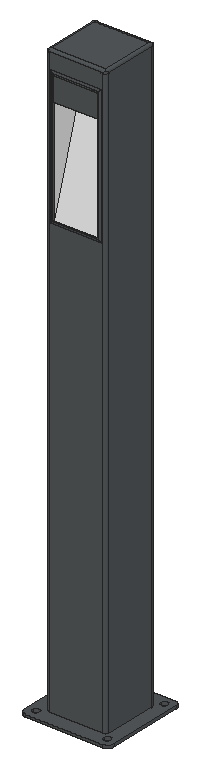
Revit family "svetilnik_alfresco_ar deko_dtu19", category Lighting Fixtures, Revit 2016 (continued)
Definition of nested family "Источник света Ар_Деко"
  Types (5, lengths in mm): name | Photometric Web File | built-in parameter 1150142
         0.2       0.2\r\n       0.2       0.2       0.2       0.2       0.2       0.2       0.2       0.2\r\n       0.2       0.1       0.1       0.1       0.1       0.1       0.1       0.1\r\n       0.1       0.1       0.0       0.0       0.0\r\n       0.0       0.0       0.1       0.1       0.1       0.1       0.1       0.1\r\n       0.2       0.2       0.2       0.2       0.2       0.2       0.2       0.2\r\n       0.2       0.2       0.2       0.2       0.2       0.2       0.2       0.2\r\n       0.2       0.2       0.2       0.2       0.2       0.2       0.2       0.2\r\n       0.2       0.2       0.2       0.2       0.2       0.2       0.2       0.2\r\n       0.2       0.2       0.2       0.2       0.2       0.2       0.2       0.2\r\n       0.2       0.2       0.2       0.2       0.2       0.2       0.2       0.2\r\n       0.2       0.2       0.2       0.2       0.2       0.2       0.2       0.2\r\n       0.2       0.2       0.2       0.2       0.2       0.2       0.2       0.2\r\n       0.2       0.2       0.2       0.2       0.2       0.2       0.2       0.2\r\n       0.2       0.2       0.2       0.2       0.2       0.2       0.2       0.2\r\n       0.2       0.2       0.2       0.2       0.2       0.2       0.2       0.2\r\n       0.2       0.2       0.2       0.2       0.2       0.2       0.2       0.2\r\n       0.2       0.2       0.2       0.2       0.2       0.2       0.2       0.2\r\n       0.2       0.2       0.2       0.2       0.2       0.2       0.2       0.2\r\n       0.2       0.2       0.2       0.2       0.2       0.2       0.2       0.2\r\n       0.2       0.2       0.2       0.2       0.2       0.2       0.2       0.2\r\n       0.2       0.2       0.2       0.2       0.2       0.2       0.2       0.2\r\n       0.2       0.2       0.2       0.2       0.2       0.2       0.2       0.2\r\n       0.2       0.2       0.2       0.2       0.2       0.2       0.2       0.2\r\n       0.2       0.2       0.2       0.2       0.2       0.2       0.2       0.2\r\n       0.2       0.1       0.1       0.1       0.1       0.1       0.1       0.1\r\n       0.1       0.1       0.0       0.0       0.0\r\n       0.0       0.0       0.1       0.1       0.1       0.1       0.1       0.1\r\n       0.2       0.2       0.2       0.2       0.2       0.2       0.2       0.2\r\n       0.2       0.2       0.2       0.2       0.2       0.2       0.2       0.2\r\n       0.2       0.2       0.2       0.2       0.2       0.2       0.2       0.2\r\n       0.2       0.2       0.2       0.2       0.2       0.2       0.2       0.2\r\n       0.2       0.2       0.2       0.2       0.2       0.2       0.2       0.2\r\n       0.2       0.2       0.2       0.2       0.2       0.2       0.2       0.2\r\n       0.2       0.2       0.2       0.2       0.2       0.2       0.2       0.2\r\n       0.2       0.2       0.2       0.2       0.2       0.2       0.2       0.2\r\n       0.2       0.2       0.2       0.2       0.2       0.2       0.2       0.2\r\n       0.2       0.2       0.2       0.2       0.2       0.2       0.2       0.2\r\n       0.2       0.2       0.2       0.2       0.2       0.2       0.2       0.2\r\n       0.2       0.2       0.2       0.2       0.2       0.2       0.2       0.2\r\n       0.2       0.2       0.2       0.2       0.2       0.2       0.2       0.2\r\n       0.2       0.2       0.2       0.2       0.2       0.2       0.2       0.2\r\n       0.2       0.2       0.2       0.2       0.2       0.2       0.2       0.2\r\n       0.2       0.2       0.2       0.2       0.2       0.2       0.2       0.2\r\n       0.2       0.2       0.2       0.2       0.2       0.2       0.2       0.2\r\n       0.2       0.2       0.2       0.2       0.2       0.2       0.2       0.2\r\n       0.2       0.2       0.2       0.2       0.2       0.2       0.2       0.2\r\n       0.2       0.2       0.2       0.2       0.2       0.2       0.2       0.2\r\n       0.2       0.1       0.1       0.1       0.1       0.1       0.1       0.1\r\n       0.1       0.1       0.0       0.0       0.0\r\n       0.0       0.0       0.1       0.1       0.1       0.1       0.1       0.1\r\n       0.2       0.2       0.2       0.2       0.2       0.2       0.2       0.2\r\n       0.2       0.2       0.2       0.2       0.2       0.2       0.2       0.2\r\n       0.2       0.2       0.2       0.2       0.2       0.2       0.2       0.2\r\n       0.2       0.2       0.2       0.2       0.2       0.2       0.2       0.2\r\n       0.2       0.2       0.2       0.2       0.2       0.2       0.2       0.2\r\n       0.2       0.2       0.2       0.2       0.2       0.2       0.2       0.2\r\n       0.2       0.2       0.2       0.2       0.2       0.2       0.2       0.2\r\n       0.2       0.2       0.2       0.2       0.2       0.2       0.2       0.2\r\n       0.2       0.2       0.2       0.2       0.2       0.2       0.2       0.2\r\n       0.2       0.2       0.2       0.2       0.2       0.2       0.2       0.2\r\n       0.2       0.2       0.2       0.2       0.2       0.2       0.2       0.2\r\n       0.2       0.2       0.2       0.2       0.2       0.2       0.2       0.2\r\n       0.2       0.2       0.2       0.2       0.2       0.2       0.2       0.2\r\n       0.2       0.2       0.2       0.2       0.2       0.2       0.2       0.2\r\n       0.2       0.2       0.2       0.2       0.2       0.2       0.2       0.2\r\n       0.2       0.2       0.2       0.2       0.2       0.2       0.2       0.2\r\n       0.2       0.2       0.2       0.2       0.2       0.2       0.2       0.2\r\n       0.2       0.2       0.2       0.2       0.2       0.2       0.2       0.2\r\n       0.2       0.2       0.2       0.2       0.2       0.2       0.2       0.2\r\n       0.2       0.2       0.2       0.2       0.2       0.2       0.2       0.2\r\n       0.2       0.1       0.1       0.1       0.1       0.1       0.1       0.1\r\n       0.1       0.1       0.0       0.0       0.0\r\n       0.0       0.0       0.0       0.1       0.1       0.1       0.1       0.1\r\n       0.2       0.2       0.2       0.2       0.2       0.2       0.2       0.2\r\n       0.2       0.2       0.2       0.2       0.2       0.2       0.2       0.2\r\n       0.2       0.2       0.2       0.2       0.2       0.2       0.2       0.2\r\n       0.2       0.2       0.2       0.2       0.2       0.2       0.2       0.2\r\n       0.2       0.2       0.2       0.2       0.2       0.2       0.2       0.2\r\n       0.2       0.2       0.2       0.2       0.2       0.2       0.2       0.2\r\n       0.2       0.2       0.2       0.2       0.2       0.2       0.2       0.2\r\n       0.2       0.2       0.2       0.2       0.2       0.2       0.2       0.2\r\n       0.2       0.2       0.2       0.2       0.2       0.2       0.2       0.2\r\n       0.2       0.2       0.2       0.2       0.2       0.2       0.2       0.2\r\n       0.2       0.2       0.2       0.2       0.2       0.2       0.2       0.2\r\n       0.2       0.2       0.2       0.2       0.2       0.2       0.2       0.2\r\n       0.2       0.2       0.2       0.2       0.2       0.2       0.2       0.2\r\n       0.2       0.2       0.2       0.2       0.2       0.2       0.2       0.2\r\n       0.2       0.2       0.2       0.2       0.2       0.2       0.2       0.2\r\n       0.2       0.2       0.2       0.2       0.2       0.2       0.2       0.2\r\n       0.2       0.2       0.2       0.2       0.2       0.2       0.2       0.2\r\n       0.2       0.2       0.2       0.2       0.2       0.2       0.2       0.2\r\n       0.2       0.2       0.2       0.2       0.2       0.2       0.2       0.2\r\n       0.2       0.2       0.2       0.2       0.2       0.2       0.2       0.2\r\n       0.2       0.1       0.1       0.1       0.1       0.1       0.1       0.1\r\n       0.1       0.1       0.0       0.0       0.0\r\n       0.0       0.0       0.0       0.1       0.1       0.1       0.1       0.1\r\n       0.2       0.2       0.2       0.2       0.2       0.2       0.2       0.2\r\n       0.2       0.2       0.2       0.2       0.2       0.2       0.2       0.2\r\n       0.2       0.2       0.2       0.2       0.2       0.2       0.2       0.2\r\n       0.2       0.2       0.2       0.2       0.2       0.2       0.2       0.2\r\n       0.2       0.2       0.2       0.2       0.2       0.2       0.2       0.2\r\n       0.2       0.2       0.2       0.2       0.2       0.2       0.2       0.2\r\n       0.2       0.2       0.2       0.2       0.2       0.2       0.2       0.2\r\n       0.2       0.2       0.2       0.2       0.2       0.2       0.2       0.2\r\n       0.2       0.2       0.2       0.2       0.2       0.2       0.2       0.2\r\n       0.2       0.2       0.2       0.2       0.2       0.2       0.2       0.2\r\n       0.2       0.2       0.2       0.2       0.2       0.2       0.2       0.2\r\n       0.2       0.2       0.2       0.2       0.2       0.2       0.2       0.2\r\n       0.2       0.2       0.2       0.2       0.2       0.2       0.2       0.2\r\n       0.2       0.2       0.2       0.2       0.2       0.2       0.2       0.2\r\n       0.2       0.2       0.2       0.2       0.2       0.2       0.2       0.2\r\n       0.2       0.2       0.2       0.2       0.2       0.2       0.2       0.2\r\n       0.2       0.2       0.2       0.2       0.2       0.2       0.2       0.2\r\n       0.2       0.2       0.2       0.2       0.2       0.2       0.2       0.2\r\n       0.2       0.2       0.2       0.2       0.2       0.2       0.2       0.2\r\n       0.2       0.2       0.2       0.2       0.2       0.2       0.2       0.2\r\n       0.2       0.1       0.1       0.1       0.1       0.1       0.1       0.1\r\n       0.1       0.1       0.0       0.0       0.0\r\n       0.0       0.0       0.0       0.1       0.1       0.1       0.1       0.1\r\n       0.2       0.2       0.2       0.2       0.2       0.2       0.2       0.2\r\n       0.2       0.2       0.2       0.2       0.2       0.2       0.2       0.2\r\n       0.2       0.3       0.2       0.2       0.2       0.2       0.2       0.2\r\n       0.2       0.2       0.2       0.2       0.2       0.2       0.2       0.2\r\n       0.2       0.2       0.2       0.2       0.2       0.2       0.2       0.2\r\n       0.2       0.2       0.2       0.2       0.2       0.2       0.2       0.2\r\n       0.2       0.2       0.2       0.2       0.2       0.2       0.2       0.2\r\n       0.2       0.2       0.2       0.2       0.2       0.2       0.2       0.2\r\n       0.2       0.2       0.2       0.2       0.2       0.2       0.2       0.2\r\n       0.2       0.2       0.2       0.2       0.2       0.2       0.2       0.2\r\n       0.2       0.2       0.2       0.2       0.2       0.2       0.2       0.2\r\n       0.2       0.2       0.2       0.2       0.2       0.2       0.2       0.2\r\n       0.2       0.2       0.2       0.2       0.2       0.2       0.2       0.2\r\n       0.2       0.2       0.2       0.2       0.2       0.2       0.2       0.2\r\n       0.2       0.2       0.2       0.2       0.2       0.2       0.2       0.2\r\n       0.2       0.2       0.2       0.2       0.2       0.2       0.2       0.2\r\n       0.2       0.2       0.2       0.2       0.2       0.2       0.2       0.2\r\n       0.2       0.2       0.2       0.2       0.2       0.2       0.2       0.2\r\n       0.2       0.2       0.2       0.2       0.2       0.2       0.2       0.2\r\n       0.2       0.2       0.2       0.2       0.2       0.2       0.2       0.2\r\n       0.2       0.1       0.1       0.1       0.1       0.1       0.1       0.1\r\n       0.1       0.1       0.0       0.0       0.0\r\n       0.0       0.0       0.0       0.1       0.1       0.1       0.1       0.1\r\n       0.2       0.2       0.2       0.2       0.2       0.2       0.2       0.2\r\n       0.2       0.2       0.2       0.2       0.2       0.2       0.2       0.2\r\n       0.2       0.2       0.2       0.2       0.2       0.2       0.2       0.2\r\n       0.2       0.2       0.2       0.2       0.2       0.2       0.2       0.2\r\n       0.2       0.2       0.2       0.2       0.2       0.2       0.2       0.2\r\n       0.2       0.2       0.2       0.2       0.2       0.2       0.2       0.2\r\n       0.2       0.2       0.2       0.2       0.2       0.2       0.2       0.2\r\n       0.2       0.2       0.2       0.2       0.2       0.2       0.2       0.2\r\n       0.2       0.2       0.2       0.2       0.2       0.2       0.2       0.2\r\n       0.2       0.2       0.2       0.2       0.2       0.2       0.2       0.2\r\n       0.2       0.2       0.2       0.2       0.2       0.2       0.2       0.2\r\n       0.2       0.2       0.2       0.2       0.2       0.2       0.2       0.2\r\n       0.2       0.2       0.2       0.2       0.2       0.2       0.2       0.2\r\n       0.2       0.2       0.2       0.2       0.2       0.2       0.2       0.2\r\n       0.2       0.2       0.2       0.2       0.2       0.2       0.2       0.2\r\n       0.2       0.2       0.2       0.2       0.2       0.2       0.2       0.2\r\n       0.2       0.2       0.2       0.2       0.2       0.3       0.2       0.2\r\n       0.2       0.2       0.2       0.2       0.2       0.2       0.2       0.2\r\n       0.2       0.2       0.2       0.2       0.2       0.2       0.2       0.2\r\n       0.2       0.2       0.2       0.2       0.2       0.2       0.2       0.2\r\n       0.2       0.1       0.1       0.1       0.1       0.1       0.1       0.1\r\n       0.1       0.1       0.0       0.0       0.0\r\n       0.0       0.0       0.0       0.0       0.1       0.1       0.1       0.1\r\n       0.2       0.2       0.2       0.2       0.2       0.2       0.2       0.2\r\n       0.2       0.2       0.2       0.2       0.2       0.2       0.2       0.2\r\n       0.2       0.2       0.2       0.2       0.2       0.2       0.2       0.2\r\n       0.2       0.2       0.2       0.2       0.2       0.2       0.2       0.2\r\n       0.2       0.2       0.2       0.2       0.2       0.2       0.2       0.2\r\n       0.2       0.2       0.2       0.2       0.2       0.2       0.2       0.2\r\n       0.2       0.2       0.2       0.2       0.2       0.2       0.2       0.2\r\n       0.2       0.2       0.2       0.2       0.2       0.2       0.2       0.2\r\n       0.2       0.2       0.2       0.2       0.2       0.2       0.2       0.2\r\n       0.2       0.2       0.2       0.2       0.2       0.2       0.2       0.2\r\n       0.2       0.2       0.2       0.2       0.2       0.2       0.2       0.2\r\n       0.2       0.2       0.2       0.2       0.2       0.2       0.2       0.2\r\n       0.2       0.2       0.2       0.2       0.2       0.2       0.2       0.2\r\n       0.2       0.2       0.2       0.2       0.2       0.2       0.2       0.2\r\n       0.2       0.2       0.2       0.2       0.2       0.2       0.2       0.2\r\n       0.2       0.2       0.2       0.2       0.2       0.2       0.2       0.2\r\n       0.2       0.2       0.2       0.2       0.2       0.2       0.2       0.2\r\n       0.2       0.2       0.2       0.2       0.2       0.2       0.2       0.2\r\n       0.2       0.2       0.2       0.2       0.2       0.2       0.2       0.2\r\n       0.2       0.2       0.2       0.2       0.2       0.2       0.2       0.2\r\n       0.2       0.1       0.1       0.1       0.1       0.1       0.1       0.1\r\n       0.1       0.1       0.0       0.0       0.0\r\n       0.0       0.0       0.0       0.0       0.1       0.1       0.1       0.1\r\n       0.2       0.2       0.2       0.2       0.2       0.2       0.2       0.2\r\n       0.2       0.2       0.2       0.2       0.2       0.2       0.2       0.2\r\n       0.2       0.2       0.2       0.2       0.2       0.2       0.2       0.2\r\n       0.2       0.2       0.2       0.2       0.2       0.2       0.2       0.2\r\n       0.2       0.2       0.2       0.2       0.2       0.2       0.2       0.2\r\n       0.2       0.2       0.2       0.2       0.2       0.2       0.2       0.2\r\n       0.2       0.2       0.2       0.2       0.2       0.2       0.2       0.2\r\n       0.2       0.2       0.2       0.2       0.2       0.2       0.2       0.2\r\n       0.2       0.2       0.2       0.2       0.2       0.2       0.2       0.2\r\n       0.2       0.2       0.2       0.2       0.2       0.2       0.2       0.2\r\n       0.2      
       0.2       0.2       0.2       0.2       0.2       0.2       0.2\r\n       0.2       0.2       0.2       0.2       0.2       0.2       0.2       0.2\r\n       0.2       0.2       0.2       0.2       0.2       0.2       0.2       0.2\r\n       0.2       0.2       0.2       0.2       0.2       0.2       0.2       0.2\r\n       0.2       0.2       0.2       0.2       0.2       0.2       0.2       0.2\r\n       0.2       0.2       0.2       0.2       0.2       0.2       0.2       0.2\r\n       0.2       0.2       0.2       0.2       0.2       0.2       0.2       0.2\r\n       0.2       0.2       0.2       0.2       0.2       0.2       0.2       0.2\r\n       0.2       0.2       0.2       0.2       0.2       0.2       0.2       0.2\r\n       0.2       0.2       0.2       0.2       0.2       0.2       0.2       0.2\r\n       0.2       0.1       0.1       0.1       0.1       0.1       0.1       0.1\r\n       0.1       0.1       0.0       0.0       0.0\r\n       0.0       0.0       0.0       0.0       0.1       0.1       0.1       0.1\r\n       0.2       0.2       0.2       0.2       0.2       0.2       0.2       0.2\r\n       0.2       0.2       0.2       0.2       0.2       0.2       0.2       0.2\r\n       0.2       0.2       0.2       0.2       0.2       0.2       0.2       0.2\r\n       0.2       0.2       0.2       0.2       0.2       0.2       0.2       0.2\r\n       0.2       0.2       0.2       0.2       0.2       0.2       0.2       0.2\r\n       0.2       0.2       0.2       0.2       0.2       0.2       0.2       0.2\r\n       0.2       0.2       0.2       0.2       0.2       0.2       0.2       0.2\r\n       0.2       0.2       0.2       0.2       0.2       0.2       0.2       0.2\r\n       0.2       0.2       0.2       0.2       0.2       0.2       0.2       0.2\r\n       0.2       0.2       0.2       0.2       0.2       0.2       0.2       0.2\r\n       0.2       0.2       0.2       0.2       0.2       0.2       0.2       0.2\r\n       0.2       0.2       0.2       0.2       0.2       0.2       0.2       0.2\r\n       0.2       0.2       0.2       0.2       0.2       0.2       0.2       0.2\r\n       0.2       0.2       0.2       0.2       0.2       0.2       0.2       0.2\r\n       0.2       0.2       0.2       0.2       0.2       0.2       0.2       0.2\r\n       0.2       0.2       0.2       0.2       0.2       0.2       0.2       0.2\r\n       0.2       0.2       0.2       0.2       0.2       0.2       0.2       0.2\r\n       0.2       0.2       0.2       0.2       0.2       0.2       0.2       0.2\r\n       0.2       0.2       0.2       0.2       0.2       0.2       0.2       0.2\r\n       0.2       0.2       0.2       0.2       0.2       0.2       0.2       0.2\r\n       0.2       0.1       0.1       0.1       0.1       0.1       0.1       0.1\r\n       0.1       0.1       0.0       0.0       0.0\r\n       0.0       0.0       0.0       0.0       0.0       0.1       0.1       0.1\r\n       0.2       0.2       0.2       0.2       0.2       0.2       0.2       0.2\r\n       0.2       0.2       0.2       0.2       0.2       0.2       0.2       0.2\r\n       0.2       0.2       0.2       0.2       0.2       0.2       0.2       0.2\r\n       0.2       0.2       0.2       0.2       0.2       0.2       0.2       0.2\r\n       0.2       0.2       0.2       0.2       0.2       0.2       0.2       0.2\r\n       0.2       0.2       0.2       0.2       0.2       0.2       0.2       0.2\r\n       0.2       0.2       0.2       0.2       0.2       0.2       0.2       0.2\r\n       0.2       0.2       0.2       0.2       0.2       0.2       0.2       0.2\r\n       0.2       0.2       0.2       0.2       0.2       0.2       0.2       0.2\r\n       0.2       0.2       0.2       0.2       0.2       0.2       0.2       0.2\r\n       0.2       0.2       0.2       0.2       0.2       0.2       0.2       0.2\r\n       0.2       0.2       0.2       0.2       0.2       0.2       0.2       0.2\r\n       0.2       0.2       0.2       0.2       0.2       0.2       0.2       0.2\r\n       0.2       0.2       0.2       0.2       0.2       0.2       0.2       0.2\r\n       0.2       0.2       0.2       0.2       0.2       0.2       0.2       0.2\r\n       0.2       0.2       0.2       0.2       0.2       0.2       0.2       0.2\r\n       0.2       0.2       0.2       0.2       0.2       0.2       0.2       0.2\r\n       0.2       0.2       0.2       0.2       0.2       0.2       0.2       0.2\r\n       0.2       0.2       0.2       0.2       0.2       0.2       0.2       0.2\r\n       0.2       0.2       0.2       0.2       0.2       0.2       0.2       0.2\r\n       0.2       0.1       0.1       0.1       0.1       0.1       0.1       0.1\r\n       0.1       0.1       0.0       0.0       0.0\r\n       0.0       0.0       0.0       0.0       0.0       0.1       0.1       0.1\r\n       0.2       0.2       0.2       0.2       0.2       0.2       0.2       0.2\r\n       0.2       0.2       0.2       0.2       0.2       0.2       0.2       0.2\r\n       0.2       0.2       0.2       0.2       0.2       0.2       0.2       0.2\r\n       0.2       0.2       0.2       0.2       0.2       0.2       0.2       0.2\r\n       0.2       0.2       0.2       0.2       0.2       0.2       0.2       0.2\r\n       0.2       0.2       0.2       0.2       0.2       0.2       0.2       0.2\r\n       0.2       0.2       0.2       0.2       0.2       0.2       0.2       0.2\r\n       0.2       0.2       0.2       0.2       0.2       0.2       0.2       0.2\r\n       0.2       0.2       0.2       0.2       0.2       0.2       0.2       0.2\r\n       0.2       0.2       0.2       0.2       0.2       0.2       0.2       0.2\r\n       0.2       0.2       0.2       0.2       0.2       0.2       0.2       0.2\r\n       0.2       0.2       0.2       0.2       0.2       0.2       0.2       0.2\r\n       0.2       0.2       0.2       0.2       0.2       0.2       0.2       0.2\r\n       0.2       0.2       0.2       0.2       0.2       0.2       0.2       0.2\r\n       0.2       0.2       0.2       0.2       0.2       0.2       0.2       0.2\r\n       0.2       0.2       0.2       0.2       0.2       0.2       0.2       0.2\r\n       0.2       0.2       0.2       0.2       0.2       0.2       0.2       0.2\r\n       0.2       0.2       0.2       0.2       0.2       0.2       0.2       0.2\r\n       0.2       0.2       0.2       0.2       0.2       0.2       0.2       0.2\r\n       0.2       0.2       0.2       0.2       0.2       0.2       0.2       0.2\r\n       0.2       0.1       0.1       0.1       0.1       0.1       0.1       0.1\r\n       0.1       0.1       0.0       0.0       0.0\r\n       0.0       0.0       0.0       0.0       0.0       0.1       0.1       0.1\r\n       0.2       0.2       0.2       0.2       0.2       0.2       0.2       0.2\r\n       0.2       0.2       0.2       0.2       0.2       0.2       0.2       0.2\r\n       0.2       0.2       0.2       0.2       0.2       0.2       0.2       0.2\r\n       0.2       0.2       0.2       0.2       0.2       0.2       0.2       0.2\r\n       0.2       0.2       0.2       0.2       0.2       0.2       0.2       0.2\r\n       0.2       0.2       0.2       0.3       0.2       0.2       0.2       0.2\r\n       0.2       0.2       0.2       0.2       0.2       0.2       0.2       0.2\r\n       0.2       0.2       0.2       0.2       0.2       0.2       0.2       0.2\r\n       0.2       0.2       0.2       0.2       0.2       0.2       0.2       0.2\r\n       0.2       0.2       0.2       0.2       0.2       0.2       0.2       0.2\r\n       0.2       0.2       0.2       0.2       0.2       0.2       0.2       0.2\r\n       0.2       0.2       0.2       0.2       0.2       0.2       0.2       0.2\r\n       0.2       0.2       0.2       0.2       0.2       0.2       0.2       0.2\r\n       0.2       0.2       0.2       0.2       0.2       0.2       0.2       0.2\r\n       0.2       0.2       0.2       0.2       0.2       0.2       0.2       0.2\r\n       0.2       0.2       0.2       0.2       0.2       0.2       0.2       0.2\r\n       0.2       0.2       0.2       0.2       0.2       0.2       0.2       0.2\r\n       0.2       0.2       0.2       0.2       0.2       0.2       0.2       0.2\r\n       0.2       0.2       0.2       0.2       0.2       0.2       0.2       0.2\r\n       0.2       0.2       0.2       0.2       0.2       0.2       0.2       0.2\r\n       0.2       0.2       0.1       0.1       0.1       0.1       0.1       0.1\r\n       0.1       0.1       0.0       0.0       0.0\r\n       0.0       0.0       0.0       0.0       0.0       0.1       0.1       0.1\r\n       0.2       0.2       0.2       0.2       0.2       0.2       0.2       0.2\r\n       0.2       0.2       0.2       0.2       0.2       0.2       0.2       0.2\r\n       0.2       0.2       0.2       0.2       0.2       0.2       0.2       0.2\r\n       0.2       0.2       0.2       0.2       0.2       0.2       0.2       0.2\r\n       0.2       0.2       0.2       0.2       0.2       0.2       0.2       0.2\r\n       0.2       0.2       0.2       0.2       0.2       0.2       0.2       0.2\r\n       0.2       0.2       0.2       0.2       0.2       0.2       0.2       0.2\r\n       0.2       0.2       0.2       0.2       0.2       0.2       0.2       0.2\r\n       0.2       0.2       0.2       0.2       0.2       0.2       0.2       0.2\r\n       0.2       0.2       0.2       0.2       0.2       0.2       0.2       0.2\r\n       0.2       0.2       0.2       0.2       0.2       0.2       0.2       0.2\r\n       0.2       0.2       0.2       0.2       0.2       0.2       0.2       0.2\r\n       0.2       0.2       0.2       0.2       0.2       0.2       0.2       0.2\r\n       0.2       0.2       0.2       0.2       0.2       0.2       0.2       0.2\r\n       0.2       0.2       0.2       0.2       0.2       0.2       0.2       0.2\r\n       0.2       0.2       0.2       0.2       0.2       0.2       0.2       0.2\r\n       0.2       0.2       0.2       0.2       0.2       0.2       0.2       0.2\r\n       0.2       0.2       0.2       0.2       0.2       0.2       0.2       0.2\r\n       0.2       0.2       0.2       0.2       0.2       0.2       0.2       0.2\r\n       0.2       0.2       0.2       0.2       0.2       0.2       0.2       0.2\r\n       0.2       0.2       0.1       0.1       0.1       0.1       0.1       0.1\r\n       0.1       0.0       0.0       0.0       0.0\r\n       0.0       0.0       0.0       0.0       0.0       0.1       0.1       0.1\r\n       0.2       0.2       0.2       0.2       0.2       0.2       0.2       0.2\r\n       0.2       0.2       0.2       0.2       0.2       0.2       0.2       0.2\r\n       0.2       0.2       0.2       0.2       0.2       0.2       0.2       0.2\r\n       0.2       0.2       0.2       0.2       0.2       0.2       0.2       0.2\r\n       0.2       0.2       0.2       0.2       0.2       0.2       0.2       0.2\r\n       0.2       0.2       0.2       0.2       0.2       0.2       0.2       0.2\r\n       0.2       0.2       0.2       0.2       0.2       0.2       0.2       0.2\r\n       0.2       0.2       0.2       0.2       0.2       0.2       0.2       0.2\r\n       0.2       0.2       0.2       0.2       0.2       0.2       0.2       0.2\r\n       0.2       0.2       0.2       0.2       0.2       0.2       0.2       0.2\r\n       0.2       0.2       0.2       0.2       0.2       0.2       0.2       0.2\r\n       0.2       0.2       0.2       0.2       0.2       0.2       0.2       0.2\r\n       0.2       0.2       0.2       0.2       0.2       0.2       0.2       0.2\r\n       0.2       0.2       0.2       0.2       0.2       0.2       0.2       0.2\r\n       0.2       0.2       0.2       0.2       0.2       0.2       0.2       0.2\r\n       0.2       0.2       0.2       0.2       0.2       0.2       0.2       0.2\r\n       0.2       0.2       0.2       0.2       0.2       0.2       0.2       0.2\r\n       0.2       0.2       0.2       0.2       0.2       0.2       0.2       0.2\r\n       0.2       0.2       0.2       0.2       0.2       0.2       0.2       0.2\r\n       0.2       0.2       0.2       0.2       0.2       0.2       0.2       0.2\r\n       0.2       0.2       0.1       0.1       0.1       0.1       0.1       0.1\r\n       0.1       0.0       0.0       0.0       0.0\r\n       0.0       0.0       0.0       0.0       0.0       0.0       0.1       0.1\r\n       0.2       0.2       0.2       0.2       0.2       0.2       0.2       0.2\r\n       0.2       0.2       0.2       0.2       0.2       0.2       0.2       0.2\r\n       0.2       0.2       0.2       0.2       0.2       0.2       0.2       0.2\r\n       0.2       0.2       0.2       0.2       0.2       0.2       0.2       0.2\r\n       0.2       0.2       0.2       0.2       0.2       0.2       0.2       0.3\r\n       0.2       0.2       0.2       0.2       0.2       0.2       0.2       0.2\r\n       0.2       0.2       0.2       0.2       0.2       0.2       0.2       0.2\r\n       0.2       0.2       0.2       0.2       0.2       0.2       0.2       0.2\r\n       0.2       0.2       0.2       0.2       0.2       0.2       0.2       0.2\r\n       0.2       0.2       0.2       0.2       0.2       0.2       0.2       0.2\r\n       0.2       0.2       0.2       0.2       0.2       0.2       0.2       0.2\r\n       0.2       0.2       0.2       0.2       0.2       0.2       0.2       0.2\r\n       0.2       0.2       0.2       0.2       0.2       0.2       0.2       0.2\r\n       0.2       0.2       0.2       0.2       0.2       0.2       0.2       0.2\r\n       0.2       0.2       0.2       0.2       0.2       0.2       0.2       0.2\r\n       0.2       0.2       0.2       0.2       0.2       0.2       0.2       0.2\r\n       0.2       0.2       0.2       0.2       0.2       0.2       0.2       0.2\r\n       0.2       0.2       0.2       0.2       0.2       0.2       0.2       0.2\r\n       0.2       0.2       0.2       0.2       0.2       0.2       0.2       0.2\r\n       0.2       0.2       0.2       0.2       0.2       0.2       0.2       0.2\r\n       0.2       0.2       0.1       0.1       0.1       0.1       0.1       0.1\r\n       0.1       0.0       0.0       0.0       0.0\r\n       0.0       0.0       0.0       0.0       0.0       0.0       0.1       0.1\r\n       0.2       0.2       0.2       0.2       0.2       0.2       0.2       0.2\r\n       0.2       0.2       0.2       0.2       0.2       0.2       0.2       0.2\r\n       0.2       0.2       0.2       0.2       0.2       0.2       0.2       0.2\r\n       0.2       0.2       0.2       0.2       0.2       0.2       0.2       0.2\r\n       0.2       0.2       0.2       0.2       0.2       0.2       0.2       0.4\r\n       0.3       0.2       0.2       0.2       0.2       0.2       0.2       0.2\r\n       0.2       0.2       0.2       0.2       0.2       0.2       0.2       0.2\r\n       0.2       0.2       0.2       0.2       0.2       0.2       0.2       0.2\r\n       0.2       0.2       0.2       0.2       0.2       0.2       0.2       0.2\r\n       0.2       0.2       0.2       0.2       0.2       0.2       0.2       0.2\r\n       0.2       0.2       0.2       0.2       0.2       0.2       0.2       0.2\r\n       0.2       0.2       0.2       0.2       0.2       0.2       0.2       0.2\r\n       0.2       0.2       0.2       0.2       0.2       0.2       0.2       0.2\r\n       0.2       0.2       0.2       0.2       0.2       0.2       0.2       0.2\r\n       0.2       0.2       0.2       0.2       0.2       0.2       0.2       0.2\r\n       0.2       0.2       0.2       0.2       0.2       0.2       0.2       0.2\r\n       0.2       0.2       0.2       0.2       0.2       0.2       0.2       0.2\r\n       0.2       0.2       0.2       0.2       0.2       0.2       0.2       0.2\r\n       0.2       0.2       0.2       0.2       0.2       0.2       0.2       0.2\r\n       0.2       0.2       0.2       0.2       0.2       0.2       0.2       0.2\r\n       0.2       0.2       0.1       0.1       0.1       0.1       0.1       0.1\r\n       0.0       0.0       0.0       0.0       0.0\r\n       0.0       0.0       0.0       0.0       0.0       0.0       0.0       0.1\r\n       0.2       0.2       0.2       0.2       0.2       0.2       0.2       0.2\r\n       0.2       0.2       0.2       0.2       0.2
